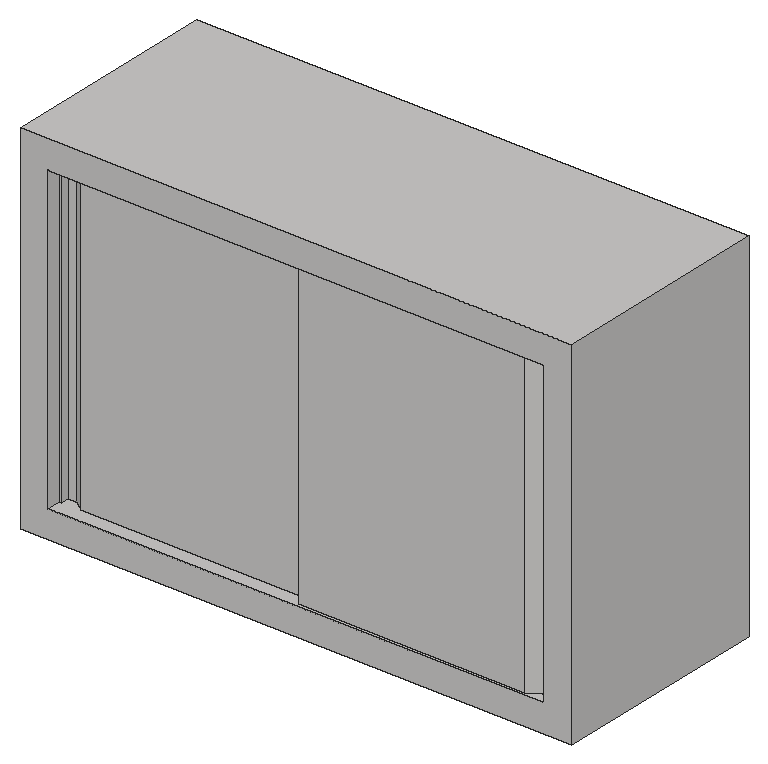
Revit family "QF_ELECTROLUXPROFESSIONAL_133118_PS1000EN", category Specialty Equipment, Revit 2018
Family settings
  Round Connector Dimension = Use Diameter
  Part Type = Normal
  Work Plane-Based = No
  Always vertical = Yes
  Cut with Voids When Loaded = No
  Shared = No
  Room Calculation Point = No
Parameters
  Weight = 0.00 kg
  Watts = 0 W
  Volts = 0 V
  URL Manufacturer = ""
  Steam Supply Size = 0 mm
  Steam Supply Minimum Pressure = 0.0 Pa
  Steam Supply Maximum Pressure = 0.0 Pa
  Steam Pounds per Hour = 0
  Refrigeration Suction Line Size = 0 mm
  Refrigeration Liquid Line Size = 0 mm
  Refrigerant Compressor Remote = yes
  Phase = 0
  Length Actual = 0 mm
  Item Number = ""
  Hot Water Size = 0 mm
  Height Actual = 0 mm
  HP = ""
  Gas Size = 0 mm
  Gas KW = 0
  Gas Input Pressure = 0 W
  Direct Waste Size = 0 mm
  Depth Actual = 0 mm
  Cycle = 0 Hz
  Condensate Return Size = 0 mm
  Compressed Air Volume = 0.0 L/s
  Compressed Air Size = 0 mm
  Compressed Air Pressure = 0.0 Pa
  Cold Water Size = 0 mm
  Accessory = yes
Reference planes
  plane 1 "Center (Front/Back)": y = 0
  plane 2: z = 0
  plane 3 "Center (Left/Right)": x = 0
  plane 4: y = 200
  plane 5 "Left": x = -500
  plane 6 "Right": x = 500
  plane 7: y = -200
  plane 8: y = -154.5
  plane 9: z = 2200
  plane 10: z = 1550
  plane 11: y = 150
Forms (mm)
  Extrusion 1, solid, material "QF_Finishes_Stainless Steel"
    sketch origin (0, 0, 0) x (1, 0, 0) y (0, 1, 0)
      loop
        line (-500, 200) -> (-500, -200) -> (500, -200) -> (500, 200) -> (-500, 200)
    from 1550 to 2200
  Extrusion 2, void
    sketch origin (500, -154.5, 0) x (1, 0, 0) y (0, 0, -1)
      loop
        line (-950, -2150) -> (-50, -2150) -> (-50, -1600) -> (-950, -1600) -> (-950, -2150)
    from -45.5 to 304.5
Cuts and joins
  Extrusion 2 cuts Extrusion 1
Lines and regions (mm)
  symbolic lines
    curve 1: line (-500, 200, 0) -> (500, 200, 0)
    curve 2: line (-500, -200, 0) -> (-500, 200, 0)
    curve 3: line (500, -200, 0) -> (-500, -200, 0)
    curve 4: line (500, 200, 0) -> (500, -200, 0)
    curve 5: line (-500, 200, 0) -> (500, -200, 0)
    curve 6: line (-500, -200, 0) -> (500, 200, 0)
Dimensions and locks
  equal spacing: plane 5 "Left", plane 3 "Center (Left/Right)", plane 6 "Right"
  equal spacing: plane 4, plane 1 "Center (Front/Back)", plane 7
  plane 8 to plane 7 = 45.5 mm
  plane 10 to level = 1550 mm
  plane 3 "Center (Left/Right)" to plane 6 "Right" = 500 mm
  plane 7 to plane 1 "Center (Front/Back)" = 200 mm
  locked: plane 4 to plane 11 at 50
  locked: cut or joined group of Extrusion 1, Extrusion 2 to plane 9 at 50
  locked: plane 5 "Left" to Extrusion 2 sketch curve at 50
  locked: plane 6 "Right" to Extrusion 2 sketch curve at 50
  plane 10 to nested 1 = 50 mm
  plane 9 to plane 10 = 650 mm
  aligned and locked: level to plane 2
  aligned and locked: plane 11 to Extrusion 2
  aligned and locked: cut or joined group of Extrusion 1, Extrusion 2 to nested 1  (x2)
  aligned and locked: Extrusion 1 to plane 10
  aligned and locked: plane 9 to Extrusion 1
  aligned and locked: nested 1 to cut or joined group of Extrusion 1, Extrusion 2  (x2)
Automatic sketch dimensions
  plane 5 "Left" to Extrusion 1 sketch curve = 0 mm
  Extrusion 1 sketch curve to plane 6 "Right" = 0 mm
  Extrusion 1 sketch curve to plane 4 = 0 mm
  Extrusion 2 sketch curve to plane 9 = 50 mm
  plane 10 to Extrusion 2 sketch curve = 50 mm
  Extrusion 1 sketch curve to plane 8 = 45.5 mm
  curve 1 to plane 4 = 0 mm
  curve 1 to plane 5 "Left" = 0 mm
  curve 6 to plane 6 "Right" = 0 mm
  curve 3 to plane 7 = 0 mm
Nested families
  nested 1: "Sliding Door" at (0, -154.5, 1875) x (-1, 0, 0) z (0, -1, 0), type "Sliding Door"
    with L 900 mm, H 550 mm
Definition of nested family "Sliding Door"
  Parameters
    L [instance] = 468 mm
    H [instance] = 560 mm
    Default Elevation = 1219.2 mm
  Reference planes
    plane 1 "Centro (Fronte/Retro)": y = 0
    plane 2: z = 0
    plane 3 "Centro (Sinistra/Destra)": x = 0
    plane 4: y = 280
    plane 5: y = -280
    plane 6: x = 234
    plane 7: x = -234
  Forms (mm)
    Extrusion 1, solid
      sketch origin (0, 0, 0) x (1, 0, 0) y (0, 1, 0)
        loop
          line (-1219.2, 1219.2) -> (-1219.2, -1219.2) -> (1219.2, -1219.2) -> (1219.2, 1219.2) -> (-1219.2, 1219.2)
      from 0 to -304.8
    Extrusion 2, solid
      sketch origin (-234, 0, 20) x (-1, 0, 0) y (0, 0, -1)
        loop
          line (-234, 0) -> (-234, -20) -> (-39.641, -20) -> (-19.162, -5.661) -> (-5, -5.661) -> (-5, -20) -> (0, -20) -> (0, 0) -> (-234, 0)
      from -280 to 280
    Extrusion 3, solid
      sketch origin (234, 0, 0) x (1, 0, 0) y (0, 0, 1)
        loop
          line (-234, 0) -> (0, 0) -> (0, 20) -> (-5, 20) -> (-5, 5.661) -> (-19.162, 5.661) -> (-39.641, 20) -> (-234, 20) -> (-234, 0)
      from -280 to 280
  Dimensions and locks
    equal spacing: plane 4, plane 1 "Centro (Fronte/Retro)", plane 5
    "H": plane 4 to plane 5
    "L": plane 6 to plane 7
    locked: Extrusion 2 sketch curve to Extrusion 2 sketch curve at 5
    locked: Extrusion 2 sketch curve to Extrusion 2 sketch curve at 14.162
    locked: Extrusion 2 sketch curve to Extrusion 2 sketch curve at 39.641
    locked: Extrusion 3 sketch curve to Extrusion 3 sketch curve at 5
    locked: Extrusion 3 sketch curve to Extrusion 3 sketch curve at 14.162
    locked: Extrusion 3 sketch curve to Extrusion 3 sketch curve at 39.641
    equal spacing: plane 7, plane 3 "Centro (Sinistra/Destra)", plane 6
    aligned and locked: plane 2 to Extrusion 1
    aligned and locked: level to Extrusion 1
    aligned and locked: plane 4 to Extrusion 2
    aligned and locked: Extrusion 2 to plane 5
    aligned and locked: Extrusion 3 to plane 5
    aligned and locked: plane 4 to Extrusion 3
  Automatic sketch dimensions
    Extrusion 1 sketch curve to Extrusion 1 sketch curve = 2438.4 mm  (x2)
    Extrusion 2 sketch curve to plane 3 "Centro (Sinistra/Destra)" = 0 mm
    plane 7 to Extrusion 2 sketch curve = 0 mm
    Extrusion 2 sketch curve to Extrusion 2 sketch curve = 14.339 mm  (x2)
    Extrusion 3 sketch curve to plane 3 "Centro (Sinistra/Destra)" = 0 mm
    Extrusion 3 sketch curve to plane 6 = 0 mm
    Extrusion 3 sketch curve to Extrusion 3 sketch curve = 14.339 mm
    level to Extrusion 2 sketch curve = 40 mm
    Extrusion 2 sketch curve to Extrusion 2 sketch curve = 20 mm
    Extrusion 3 sketch curve to level = 0 mm
    level to Extrusion 3 sketch curve = 5.661 mm
    level to Extrusion 3 sketch curve = 20 mm
